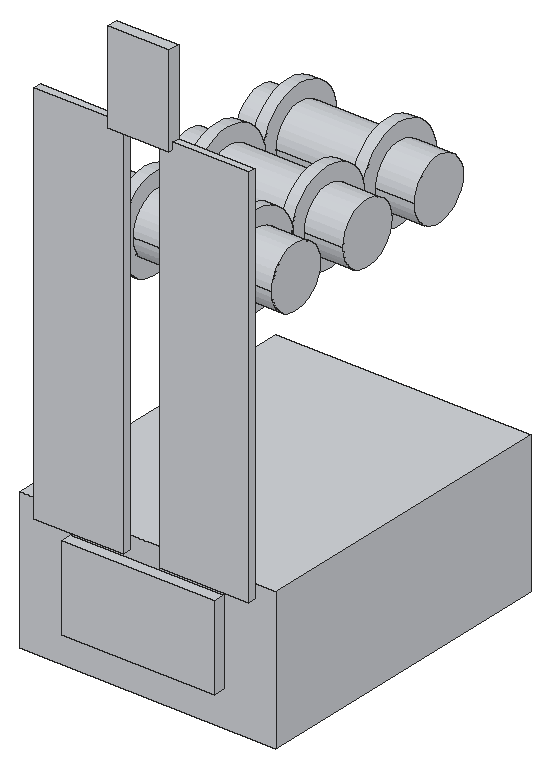
Revit family "GIS_CircuitBreaker", category Equipamento elétrico, Revit 2027
Family settings
  Configuração do painel = Duas colunas, circuitos transversais
  Cota do conector redondo = Utilizar diâmetro
  Tipo de parte = Painel de controle
  Com base no plano de trabalho = Não
  Sempre na vertical = Sim
  Corte com vazios quando carregada = Não
  Manter orientação da anotação = Não
  Compartilhado = Não
  Ponto de cálculo do ambiente = Não
Parameters (values of type "GIS_CB_145KV_STUDY")
  Default Elevation = 0 mm
  built-in parameter 1140142 [instance] = (empty or 0)
  built-in parameter 1140140 [instance] = 1 (stored number, unit not read)
  BIM_TensaoSecundaria_kV = 0
  BIM_TensaoNominal_kV = 138
  BIM_TensaoClasse_kV = 145
  BIM_TensaoClasseSecundaria_kV = 0
  BIM_Sistema_Elemento [instance] = ""
  BIM_ReferenciaCatalogo = "GE Vernova F35 145 kV product family; device envelope estimated"
  BIM_Profundidade = 1000 mm
  BIM_Potencia_MVA = 0
  BIM_Localizacao [instance] = ""
  BIM_Largura = 800 mm
  BIM_Impedancia_pu = 0
  BIM_FonteGeometria = "GE Vernova F35 145 kV product family; device envelope estimated"
  BIM_Fabricante = "NAO SELECIONADO"
  BIM_EstadoGeometria = "ESTIMATED"
  BIM_EstadoEspecificacao = "PREMISSA / NAO SELECIONADO"
  BIM_DescricaoEstudo = "Elemento esquemático de disjuntor GIS; sem detalhamento interno, rating ou desenho de fabricação."
  BIM_CorrenteReferenciaSecundaria_A = 0
  BIM_CorrenteNominal_A = 0
  BIM_Bay [instance] = ""
  BIM_AlturaCorpoPrincipal = 440 mm
  BIM_Altura = 2200 mm
  built-in parameter 1155100 [instance] = (empty or 0)
Reference planes
  plane 1 "Centro (Frente/Trás)": y = 0
  plane 2: z = 0
  plane 3 "Centro (Esquerda/Direita)": x = 0
  plane 4 "BIM Left": x = -400
  plane 5 "BIM Right": x = 400
  plane 6 "BIM Front": y = -500
  plane 7 "BIM Back": y = 500
Forms (mm)
  Extrusion 1, solid
    sketch origin (0, 0, 0) x (1, 0, 0) y (0, 1, 0)
      loop
        line (-400, -500) -> (400, -500) -> (400, 500) -> (-400, 500) -> (-400, -500)
    from 0 to 440 <- "BIM_AlturaCorpoPrincipal"
  Extrusion 2, solid
    sketch origin (0, 0, 396) x (1, 0, 0) y (0, 1, 0)
      loop
        line (-336, -524.384) -> (-56, -524.384) -> (-56, -500) -> (-336, -500) -> (-336, -524.384)
    from 0 to 1210
  Extrusion 3, solid
    sketch origin (0, 0, 396) x (1, 0, 0) y (0, 1, 0)
      loop
        line (56, -524.384) -> (336, -524.384) -> (336, -500) -> (56, -500) -> (56, -524.384)
    from 0 to 1210
  Extrusion 4, solid
    sketch origin (0, 0, 110) x (1, 0, 0) y (0, 1, 0)
      loop
        line (-240, -536.576) -> (240, -536.576) -> (240, -500) -> (-240, -500) -> (-240, -536.576)
    from 0 to 264
  Extrusion 5, solid
    sketch origin (0, 0, 1584) x (1, 0, 0) y (0, 1, 0)
      loop
        line (-96, -536.576) -> (96, -536.576) -> (96, -500) -> (-96, -500) -> (-96, -536.576)
    from 0 to 286
  Extrusion 6, solid
    sketch origin (-272, -280, 1188) x (0, 1, 0) y (0, 0, 1)
      loop
        circle (0, 0) r 95
    from 0 to 560
  Extrusion 7, solid
    sketch origin (-184, -280, 1188) x (0, 1, 0) y (0, 0, 1)
      loop
        circle (0, 0) r 145
      loop
        circle (0, 0) r 95
    from 0 to 36
  Extrusion 8, solid
    sketch origin (128, -280, 1188) x (0, 1, 0) y (0, 0, 1)
      loop
        circle (0, 0) r 145
      loop
        circle (0, 0) r 95
    from 0 to 36
  Extrusion 9, solid
    sketch origin (-272, 0, 1188) x (0, 1, 0) y (0, 0, 1)
      loop
        circle (0, 0) r 95
    from 0 to 560
  Extrusion 10, solid
    sketch origin (-184, 0, 1188) x (0, 1, 0) y (0, 0, 1)
      loop
        circle (0, 0) r 145
      loop
        circle (0, 0) r 95
    from 0 to 36
  Extrusion 11, solid
    sketch origin (128, 0, 1188) x (0, 1, 0) y (0, 0, 1)
      loop
        circle (0, 0) r 145
      loop
        circle (0, 0) r 95
    from 0 to 36
  Extrusion 12, solid
    sketch origin (-272, 280, 1188) x (0, 1, 0) y (0, 0, 1)
      loop
        circle (0, 0) r 95
    from 0 to 560
  Extrusion 13, solid
    sketch origin (-184, 280, 1188) x (0, 1, 0) y (0, 0, 1)
      loop
        circle (0, 0) r 145
      loop
        circle (0, 0) r 95
    from 0 to 36
  Extrusion 14, solid
    sketch origin (128, 280, 1188) x (0, 1, 0) y (0, 0, 1)
      loop
        circle (0, 0) r 145
      loop
        circle (0, 0) r 95
    from 0 to 36
Dimensions and locks
  "BIM_Largura": plane 4 "BIM Left" to plane 5 "BIM Right"
  "BIM_Profundidade": plane 6 "BIM Front" to plane 7 "BIM Back"
  aligned and locked: level to plane 2
  aligned and locked: plane 4 "BIM Left" to Extrusion 1
  aligned and locked: Extrusion 1 to plane 5 "BIM Right"
  aligned and locked: Extrusion 1 to plane 6 "BIM Front"
  aligned and locked: plane 7 "BIM Back" to Extrusion 1
Automatic sketch dimensions
  Extrusion 1 sketch curve to plane 4 "BIM Left" = 0 mm
  Extrusion 1 sketch curve to plane 5 "BIM Right" = 0 mm
  Extrusion 1 sketch curve to plane 6 "BIM Front" = 0 mm
  Extrusion 1 sketch curve to plane 7 "BIM Back" = 0 mm
  Extrusion 2 sketch curve to plane 6 "BIM Front" = 0 mm
  Extrusion 2 sketch curve to plane 6 "BIM Front" = 24.384 mm
  Extrusion 2 sketch curve to plane 4 "BIM Left" = 64 mm
  Extrusion 2 sketch curve to plane 3 "Centro (Esquerda/Direita)" = 56 mm
  Extrusion 3 sketch curve to plane 6 "BIM Front" = 0 mm
  Extrusion 3 sketch curve to plane 6 "BIM Front" = 24.384 mm
  plane 3 "Centro (Esquerda/Direita)" to Extrusion 3 sketch curve = 56 mm
  plane 5 "BIM Right" to Extrusion 3 sketch curve = 64 mm
  Extrusion 4 sketch curve to plane 6 "BIM Front" = 0 mm
  Extrusion 4 sketch curve to plane 6 "BIM Front" = 36.576 mm
  Extrusion 4 sketch curve to plane 4 "BIM Left" = 160 mm
  plane 5 "BIM Right" to Extrusion 4 sketch curve = 160 mm
  Extrusion 5 sketch curve to plane 6 "BIM Front" = 0 mm
  Extrusion 5 sketch curve to plane 6 "BIM Front" = 36.576 mm
  Extrusion 5 sketch curve to plane 3 "Centro (Esquerda/Direita)" = 96 mm
  plane 3 "Centro (Esquerda/Direita)" to Extrusion 5 sketch curve = 96 mm
  Extrusion 6 sketch curve to Extrusion 6 sketch curve = 0 mm  (x2)
  plane 6 "BIM Front" to Extrusion 6 sketch curve = 220 mm
  level to Extrusion 6 sketch curve = 1188 mm
  Extrusion 6 sketch curve to Extrusion 6 sketch curve = 95 mm
  Extrusion 7 sketch curve to Extrusion 7 sketch curve = 0 mm  (x12)
  plane 6 "BIM Front" to Extrusion 7 sketch curve = 220 mm
  level to Extrusion 7 sketch curve = 1188 mm
  Extrusion 7 sketch curve to Extrusion 7 sketch curve = 95 mm
  Extrusion 7 sketch curve to Extrusion 7 sketch curve = 50 mm
  Extrusion 8 sketch curve to Extrusion 8 sketch curve = 0 mm  (x12)
  plane 6 "BIM Front" to Extrusion 8 sketch curve = 220 mm
  level to Extrusion 8 sketch curve = 1188 mm
  Extrusion 8 sketch curve to Extrusion 8 sketch curve = 95 mm
  Extrusion 8 sketch curve to Extrusion 8 sketch curve = 50 mm
  Extrusion 9 sketch curve to Extrusion 9 sketch curve = 0 mm  (x2)
  Extrusion 9 sketch curve to plane 1 "Centro (Frente/Trás)" = 0 mm
  level to Extrusion 9 sketch curve = 1188 mm
  Extrusion 9 sketch curve to Extrusion 9 sketch curve = 95 mm
  Extrusion 10 sketch curve to Extrusion 10 sketch curve = 0 mm  (x12)
  Extrusion 10 sketch curve to plane 1 "Centro (Frente/Trás)" = 0 mm
  level to Extrusion 10 sketch curve = 1188 mm
  Extrusion 10 sketch curve to Extrusion 10 sketch curve = 95 mm
  Extrusion 10 sketch curve to Extrusion 10 sketch curve = 50 mm
  Extrusion 11 sketch curve to Extrusion 11 sketch curve = 0 mm  (x12)
  Extrusion 11 sketch curve to plane 1 "Centro (Frente/Trás)" = 0 mm
  level to Extrusion 11 sketch curve = 1188 mm
  Extrusion 11 sketch curve to Extrusion 11 sketch curve = 95 mm
  Extrusion 11 sketch curve to Extrusion 11 sketch curve = 50 mm
  Extrusion 12 sketch curve to Extrusion 12 sketch curve = 0 mm  (x2)
  Extrusion 12 sketch curve to plane 7 "BIM Back" = 220 mm
  level to Extrusion 12 sketch curve = 1188 mm
  Extrusion 12 sketch curve to Extrusion 12 sketch curve = 95 mm
  Extrusion 13 sketch curve to Extrusion 13 sketch curve = 0 mm  (x12)
  Extrusion 13 sketch curve to plane 7 "BIM Back" = 220 mm
  level to Extrusion 13 sketch curve = 1188 mm
  Extrusion 13 sketch curve to Extrusion 13 sketch curve = 95 mm
  Extrusion 13 sketch curve to Extrusion 13 sketch curve = 50 mm
  Extrusion 14 sketch curve to Extrusion 14 sketch curve = 0 mm  (x12)
  Extrusion 14 sketch curve to plane 7 "BIM Back" = 220 mm
  level to Extrusion 14 sketch curve = 1188 mm
  Extrusion 14 sketch curve to Extrusion 14 sketch curve = 95 mm
  Extrusion 14 sketch curve to Extrusion 14 sketch curve = 50 mm
